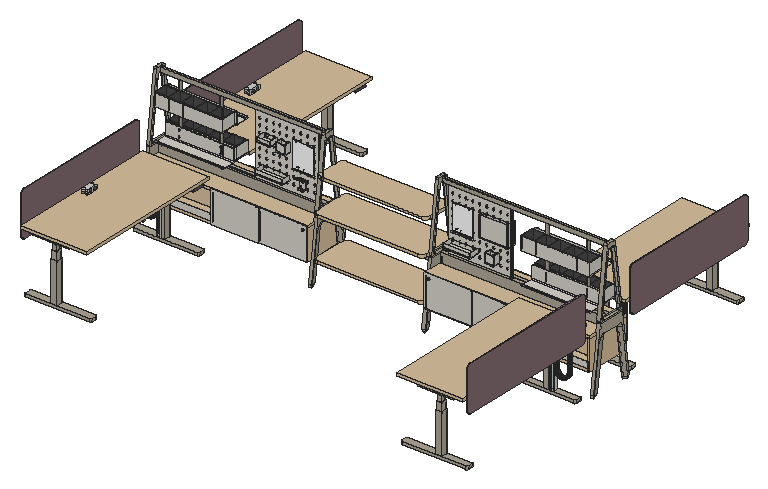
Revit family "Layout-Teknion-Expansion_Cityline_Upper_Structure_01-R2021", category Furniture Systems, Revit 2021
Family settings
  Round Connector Dimension = Use Diameter
  Part Type = Normal
  OmniClass Number = 23.40.70.14.64.21
  OmniClass Title = Systems Furniture
  Work Plane-Based = No
  Always vertical = Yes
  Cut with Voids When Loaded = No
  Shared = Yes
  Room Calculation Point = No
Parameters (values of type "Expansion Cityline Upper Structure 01")
  Warranty = "http://www.teknion.com/ca/papers/legal-canada"
  Unit Weight URL = "http://www.teknion.com/ca/tools/assets#&asset=bee6a381-b954-425e-8283-5a2de3a804f2,f828d448-4b62-4231-9e5f-9a8991c0ed77"
  URL = "www.teknion.com"
  To render please download texture images found here [instance] = "https://assets.teknion.com/web/5e81352c1dfdb467/revit-material-swatches/"
  Sustainability Data = "https://www.teknion.com/ca/tools/assets#&topic=216f99a5-57a0-44fc-b10a-9dee9b29ae4c&asset=444deb64-fe58-4b68-981e-f75e97781df7,b4ff2d81-9f2e-437d-9659-7cffb09c31cf"
  Series = "Expansion Cityline"  # constant formula
  Product Page URL = "https://www.teknionplanningtool.com/#?Expansion-Cityline-UpperStructure01"
  Product Line = "Expansion Cityline"  # constant formula
  Model = "Expansion Cityline Upper Structure Layout 01"
  Material Finish Note [instance] = "Click on Edit Family to change the finishes."  # constant formula
  Manufacturer Phone = "416-661-3370"  # constant formula
  Manufacturer Fax = "416.661.4586"  # constant formula
  Manufacturer Contact Information = "http://www.teknion.com/ca/contactus"
  Manufacturer Address = "1150 Flint Road, Toronto, ON. M3J 2J5. Canada"  # constant formula
  Manufacturer = "Teknion"  # constant formula
  How To Use Teknion Materials User Guide [instance] = "https://assets.teknion.com/m/205dd0a49fa58060/original/How-to-add-a-Material-Library-and-Texture-Images-to-your-Revit-project.pdf"
  For Additional Finishes please visit [instance] = "https://assets.teknion.com/m/44a8009b046e5d47/original/Teknion_Materials_Library.zip"
  Description = "16'-6 1/2\" x 13'-0\" Overall"
  Default Elevation = 0.000"
  Assembly Code = "E2020200"
Reference planes (in)
  plane 1 "Center F/B": y = -47.70852
  plane 2: z = 0
  plane 3 "Center L/R": x = 1562.54731
  plane 4 "Top": z = 57
  plane 5: x = 1463.31109
  plane 6: y = -125.70694
  plane 7: y = 30.28991
  plane 8: x = 1661.78353
Dimensions and locks (in)
  plane 4 "Top" to level = 57.000"
  equal spacing: plane 5, plane 3 "Center L/R", plane 8
  plane 5 to plane 8 = 198.47244"
  equal spacing: plane 7, plane 1 "Center F/B", plane 6
  plane 7 to plane 6 = 155.99685"
  aligned and locked: plane 2 to level
Nested families (in)
  nested 1: "Support-Teknion-JNXRMH_hiSpace_Quick_Connect_Height_Adjustable_Mechanism_Rectangular-R2021" at (1644.82282, -92.20694, 0) x (0, -1, 0) z (0, 0, 1), type "Extended Electric – Extended, 29" Depth, User Optimized Width Configuration"
    with Width 67.000", To render please download texture images found here "https://assets.teknion.com/web/5e81352c1dfdb467/revit-material-swatches/", Powerbar yes, How To Use Teknion Materials User Guide "https://assets.teknion.com/m/205dd0a49fa58060/original/How-to-add-a-Material-Library-and-Texture-Images-to-your-Revit-project.pdf", For Additional Finishes please visit "https://assets.teknion.com/m/44a8009b046e5d47/original/Teknion_Materials_Library.zip", Base Mechanism(Height) 27.811", Base Finish Paint - Teknion - Foundation - Earth, Available Width "46,49,52,55,58,61,64,67,70 inch", Available Base Mechanism(Height) "22.6 -48.7 inches"
  nested 2: "Worksurface-Teknion-JNXRW_hiSpace_Rectangular_Worksurface_With_Quick_Connect_Kit-R2021" at (1644.78353, -92.20694, 0) x (0, -1, 0) z (0, 0, 1), type "Square Cut-Out - Center"
    with Worksurface Finish Laminate - Teknion - 2L - Coastal Elm, Width Configuration Option "Select Width Configuration. Standard Width are Default", Width Configuration Distance 1.110", Width 67.000", User Optimized Width (Accessory Restriction) yes, To render please download texture images found here "https://assets.teknion.com/web/5e81352c1dfdb467/revit-material-swatches/", Standard Width no, Standard yes, Square Cut-Out - Distance 4.553", Node - Cut-Out Right no, Node - Cut-Out Left no, Node - Cut-Out Center yes, Masking Region - Standard Corner, SR no, Masking Region - Standard Corner, SL no, Masking Region - Standard Corner, SC yes, Masking Region - Standard Corner, NN no, Masking Region - Standard Corner, DR no, Masking Region - Standard Corner, DL no, Masking Region - Standard Corner, DC no, Masking Region - Standard Corner, CR no, Masking Region - Standard Corner, CL no, Masking Region - Curved Corner, SR no, Masking Region - Curved Corner, SL no, Masking Region - Curved Corner, SC no, Masking Region - Curved Corner, NN no, Masking Region - Curved Corner, DR no, Masking Region - Curved Corner, DL no, Masking Region - Curved Corner, DC no, Masking Region - Curved Corner, CR no, Masking Region - Curved Corner, CL no, How To Use Teknion Materials User Guide "https://assets.teknion.com/m/205dd0a49fa58060/original/How-to-add-a-Material-Library-and-Texture-Images-to-your-Revit-project.pdf", Frame Finish Paint - Teknion - Foundation - Earth, For Additional Finishes please visit "https://assets.teknion.com/m/44a8009b046e5d47/original/Teknion_Materials_Library.zip", Diamond Cut-Out - Distance 3.358", Depth 29.000", Curved no, Corner Detail Option "Select Corner Detail. Curved are Default", Available Width "46, 49, 52, 55, 58, 61, 64, 67 & 70 Inch", Available Depth "23 & 29 Inch"
  nested 3: "Support-Teknion-JNXRMH_hiSpace_Quick_Connect_Height_Adjustable_Mechanism_Rectangular-R2021" at (1644.82282, -3.20694, 0) x (0, -1, 0) z (0, 0, 1), type "Extended Electric – Extended, 29" Depth, User Optimized Width Configuration"
    with Width 67.000", To render please download texture images found here "https://assets.teknion.com/web/5e81352c1dfdb467/revit-material-swatches/", Powerbar yes, How To Use Teknion Materials User Guide "https://assets.teknion.com/m/205dd0a49fa58060/original/How-to-add-a-Material-Library-and-Texture-Images-to-your-Revit-project.pdf", For Additional Finishes please visit "https://assets.teknion.com/m/44a8009b046e5d47/original/Teknion_Materials_Library.zip", Base Mechanism(Height) 27.811", Base Finish Paint - Teknion - Foundation - Earth, Available Width "46,49,52,55,58,61,64,67,70 inch", Available Base Mechanism(Height) "22.6 -48.7 inches"
  nested 4: "Worksurface-Teknion-JNXRW_hiSpace_Rectangular_Worksurface_With_Quick_Connect_Kit-R2021" at (1644.78353, -3.20694, 0) x (0, -1, 0) z (0, 0, 1), type "Square Cut-Out - Center"
    with Worksurface Finish Laminate - Teknion - 2L - Coastal Elm, Width Configuration Option "Select Width Configuration. Standard Width are Default", Width Configuration Distance 1.110", Width 67.000", User Optimized Width (Accessory Restriction) yes, To render please download texture images found here "https://assets.teknion.com/web/5e81352c1dfdb467/revit-material-swatches/", Standard Width no, Standard yes, Square Cut-Out - Distance 4.553", Node - Cut-Out Right no, Node - Cut-Out Left no, Node - Cut-Out Center yes, Masking Region - Standard Corner, SR no, Masking Region - Standard Corner, SL no, Masking Region - Standard Corner, SC yes, Masking Region - Standard Corner, NN no, Masking Region - Standard Corner, DR no, Masking Region - Standard Corner, DL no, Masking Region - Standard Corner, DC no, Masking Region - Standard Corner, CR no, Masking Region - Standard Corner, CL no, Masking Region - Curved Corner, SR no, Masking Region - Curved Corner, SL no, Masking Region - Curved Corner, SC no, Masking Region - Curved Corner, NN no, Masking Region - Curved Corner, DR no, Masking Region - Curved Corner, DL no, Masking Region - Curved Corner, DC no, Masking Region - Curved Corner, CR no, Masking Region - Curved Corner, CL no, How To Use Teknion Materials User Guide "https://assets.teknion.com/m/205dd0a49fa58060/original/How-to-add-a-Material-Library-and-Texture-Images-to-your-Revit-project.pdf", Frame Finish Paint - Teknion - Foundation - Earth, For Additional Finishes please visit "https://assets.teknion.com/m/44a8009b046e5d47/original/Teknion_Materials_Library.zip", Diamond Cut-Out - Distance 3.358", Depth 29.000", Curved no, Corner Detail Option "Select Corner Detail. Curved are Default", Available Width "46, 49, 52, 55, 58, 61, 64, 67 & 70 Inch", Available Depth "23 & 29 Inch"
  nested 5: "Support-Teknion-JNXRMH_hiSpace_Quick_Connect_Height_Adjustable_Mechanism_Rectangular-R2021" at (1480.2718, -3.21009, 0) x (0, 1, 0) z (0, 0, 1), type "Extended Electric – Extended, 29" Depth, User Optimized Width Configuration"
    with Width 67.000", To render please download texture images found here "https://assets.teknion.com/web/5e81352c1dfdb467/revit-material-swatches/", Powerbar yes, How To Use Teknion Materials User Guide "https://assets.teknion.com/m/205dd0a49fa58060/original/How-to-add-a-Material-Library-and-Texture-Images-to-your-Revit-project.pdf", For Additional Finishes please visit "https://assets.teknion.com/m/44a8009b046e5d47/original/Teknion_Materials_Library.zip", Base Mechanism(Height) 27.811", Base Finish Paint - Teknion - Foundation - Earth, Available Width "46,49,52,55,58,61,64,67,70 inch", Available Base Mechanism(Height) "22.6 -48.7 inches"
  nested 6: "Worksurface-Teknion-JNXRW_hiSpace_Rectangular_Worksurface_With_Quick_Connect_Kit-R2021" at (1480.31109, -3.21009, 0) x (0, 1, 0) z (0, 0, 1), type "Square Cut-Out - Center"
    with Worksurface Finish Laminate - Teknion - 2L - Coastal Elm, Width Configuration Option "Select Width Configuration. Standard Width are Default", Width Configuration Distance 1.110", Width 67.000", User Optimized Width (Accessory Restriction) yes, To render please download texture images found here "https://assets.teknion.com/web/5e81352c1dfdb467/revit-material-swatches/", Standard Width no, Standard yes, Square Cut-Out - Distance 4.553", Node - Cut-Out Right no, Node - Cut-Out Left no, Node - Cut-Out Center yes, Masking Region - Standard Corner, SR no, Masking Region - Standard Corner, SL no, Masking Region - Standard Corner, SC yes, Masking Region - Standard Corner, NN no, Masking Region - Standard Corner, DR no, Masking Region - Standard Corner, DL no, Masking Region - Standard Corner, DC no, Masking Region - Standard Corner, CR no, Masking Region - Standard Corner, CL no, Masking Region - Curved Corner, SR no, Masking Region - Curved Corner, SL no, Masking Region - Curved Corner, SC no, Masking Region - Curved Corner, NN no, Masking Region - Curved Corner, DR no, Masking Region - Curved Corner, DL no, Masking Region - Curved Corner, DC no, Masking Region - Curved Corner, CR no, Masking Region - Curved Corner, CL no, How To Use Teknion Materials User Guide "https://assets.teknion.com/m/205dd0a49fa58060/original/How-to-add-a-Material-Library-and-Texture-Images-to-your-Revit-project.pdf", Frame Finish Paint - Teknion - Foundation - Earth, For Additional Finishes please visit "https://assets.teknion.com/m/44a8009b046e5d47/original/Teknion_Materials_Library.zip", Diamond Cut-Out - Distance 3.358", Depth 29.000", Curved no, Corner Detail Option "Select Corner Detail. Curved are Default", Available Width "46, 49, 52, 55, 58, 61, 64, 67 & 70 Inch", Available Depth "23 & 29 Inch"
  nested 7: "Support-Teknion-JNXRMH_hiSpace_Quick_Connect_Height_Adjustable_Mechanism_Rectangular-R2021" at (1480.2718, -92.21009, 0) x (0, 1, 0) z (0, 0, 1), type "Extended Electric – Extended, 29" Depth, User Optimized Width Configuration"
    with Width 67.000", To render please download texture images found here "https://assets.teknion.com/web/5e81352c1dfdb467/revit-material-swatches/", Powerbar yes, How To Use Teknion Materials User Guide "https://assets.teknion.com/m/205dd0a49fa58060/original/How-to-add-a-Material-Library-and-Texture-Images-to-your-Revit-project.pdf", For Additional Finishes please visit "https://assets.teknion.com/m/44a8009b046e5d47/original/Teknion_Materials_Library.zip", Base Mechanism(Height) 27.811", Base Finish Paint - Teknion - Foundation - Earth, Available Width "46,49,52,55,58,61,64,67,70 inch", Available Base Mechanism(Height) "22.6 -48.7 inches"
  nested 8: "Worksurface-Teknion-JNXRW_hiSpace_Rectangular_Worksurface_With_Quick_Connect_Kit-R2021" at (1480.31109, -92.21009, 0) x (0, 1, 0) z (0, 0, 1), type "Square Cut-Out - Center"
    with Worksurface Finish Laminate - Teknion - 2L - Coastal Elm, Width Configuration Option "Select Width Configuration. Standard Width are Default", Width Configuration Distance 1.110", Width 67.000", User Optimized Width (Accessory Restriction) yes, To render please download texture images found here "https://assets.teknion.com/web/5e81352c1dfdb467/revit-material-swatches/", Standard Width no, Standard yes, Square Cut-Out - Distance 4.553", Node - Cut-Out Right no, Node - Cut-Out Left no, Node - Cut-Out Center yes, Masking Region - Standard Corner, SR no, Masking Region - Standard Corner, SL no, Masking Region - Standard Corner, SC yes, Masking Region - Standard Corner, NN no, Masking Region - Standard Corner, DR no, Masking Region - Standard Corner, DL no, Masking Region - Standard Corner, DC no, Masking Region - Standard Corner, CR no, Masking Region - Standard Corner, CL no, Masking Region - Curved Corner, SR no, Masking Region - Curved Corner, SL no, Masking Region - Curved Corner, SC no, Masking Region - Curved Corner, NN no, Masking Region - Curved Corner, DR no, Masking Region - Curved Corner, DL no, Masking Region - Curved Corner, DC no, Masking Region - Curved Corner, CR no, Masking Region - Curved Corner, CL no, How To Use Teknion Materials User Guide "https://assets.teknion.com/m/205dd0a49fa58060/original/How-to-add-a-Material-Library-and-Texture-Images-to-your-Revit-project.pdf", Frame Finish Paint - Teknion - Foundation - Earth, For Additional Finishes please visit "https://assets.teknion.com/m/44a8009b046e5d47/original/Teknion_Materials_Library.zip", Diamond Cut-Out - Distance 3.358", Depth 29.000", Curved no, Corner Detail Option "Select Corner Detail. Curved are Default", Available Width "46, 49, 52, 55, 58, 61, 64, 67 & 70 Inch", Available Depth "23 & 29 Inch"
  nested 9: "Screen-Teknion-JNSXEH_Infinity_Back_Elevated_Screen_Height_Adjustable_Table_Mounted-R2020" at (1659.28747, 37.50802, 0) x (0, -1, 0) z (0, 0, 1), type "22" Modesty Base Height, 42" Datum Height"
    with Width 64.000", To render please download texture images found here "https://assets.teknion.com/web/5e81352c1dfdb467/revit-material-swatches/", Screen Finish Fabric-Teknion-G137-Grid State-Mega Watt, How To Use Teknion Materials User Guide "https://assets.teknion.com/m/205dd0a49fa58060/original/How-to-add-a-Material-Library-and-Texture-Images-to-your-Revit-project.pdf", Hardware Gap 12.000", Hardware Finish Paint - Teknion - Foundation - Earth, For Additional Finishes please visit "https://assets.teknion.com/m/44a8009b046e5d47/original/Teknion_Materials_Library.zip", Available Width "46, 52, 58, 64, 70, 76 & 82 Inch"
  nested 10: "Hardware Screen Cityline" at (1659.28747, 28.50802, 0) x (0, -1, 0) z (0, 0, 1), type "Hardware Screen Cityline"
    with To render please download texture images found here "https://assets.teknion.com/web/5e81352c1dfdb467/revit-material-swatches/", How To Use Teknion Materials User Guide "https://assets.teknion.com/m/205dd0a49fa58060/original/How-to-add-a-Material-Library-and-Texture-Images-to-your-Revit-project.pdf", Hardware Finish Paint - Teknion - Foundation - Earth, For Additional Finishes please visit "https://assets.teknion.com/m/44a8009b046e5d47/original/Teknion_Materials_Library.zip"
  nested 11: "Hardware Screen Cityline" at (1659.28747, 16.50802, 0) x (0, -1, 0) z (0, 0, 1), type "Hardware Screen Cityline"
    with To render please download texture images found here "https://assets.teknion.com/web/5e81352c1dfdb467/revit-material-swatches/", How To Use Teknion Materials User Guide "https://assets.teknion.com/m/205dd0a49fa58060/original/How-to-add-a-Material-Library-and-Texture-Images-to-your-Revit-project.pdf", Hardware Finish Paint - Teknion - Foundation - Earth, For Additional Finishes please visit "https://assets.teknion.com/m/44a8009b046e5d47/original/Teknion_Materials_Library.zip"
  nested 12: "Hardware Screen Cityline" at (1659.28747, -22.9219, 0) x (0, 1, 0) z (0, 0, 1), type "Hardware Screen Cityline"
    with To render please download texture images found here "https://assets.teknion.com/web/5e81352c1dfdb467/revit-material-swatches/", How To Use Teknion Materials User Guide "https://assets.teknion.com/m/205dd0a49fa58060/original/How-to-add-a-Material-Library-and-Texture-Images-to-your-Revit-project.pdf", Hardware Finish Paint - Teknion - Foundation - Earth, For Additional Finishes please visit "https://assets.teknion.com/m/44a8009b046e5d47/original/Teknion_Materials_Library.zip"
  nested 13: "Hardware Screen Cityline" at (1659.28747, -34.9219, 0) x (0, 1, 0) z (0, 0, 1), type "Hardware Screen Cityline"
    with To render please download texture images found here "https://assets.teknion.com/web/5e81352c1dfdb467/revit-material-swatches/", How To Use Teknion Materials User Guide "https://assets.teknion.com/m/205dd0a49fa58060/original/How-to-add-a-Material-Library-and-Texture-Images-to-your-Revit-project.pdf", Hardware Finish Paint - Teknion - Foundation - Earth, For Additional Finishes please visit "https://assets.teknion.com/m/44a8009b046e5d47/original/Teknion_Materials_Library.zip"
  nested 14: "Screen-Teknion-JNSXEH_Infinity_Back_Elevated_Screen_Height_Adjustable_Table_Mounted-R2020" at (1659.28747, -51.49198, 0) x (0, -1, 0) z (0, 0, 1), type "22" Modesty Base Height, 42" Datum Height"
    with Width 64.000", To render please download texture images found here "https://assets.teknion.com/web/5e81352c1dfdb467/revit-material-swatches/", Screen Finish Fabric-Teknion-G137-Grid State-Mega Watt, How To Use Teknion Materials User Guide "https://assets.teknion.com/m/205dd0a49fa58060/original/How-to-add-a-Material-Library-and-Texture-Images-to-your-Revit-project.pdf", Hardware Gap 12.000", Hardware Finish Paint - Teknion - Foundation - Earth, For Additional Finishes please visit "https://assets.teknion.com/m/44a8009b046e5d47/original/Teknion_Materials_Library.zip", Available Width "46, 52, 58, 64, 70, 76 & 82 Inch"
  nested 15: "Hardware Screen Cityline" at (1659.28747, -60.49198, 0) x (0, -1, 0) z (0, 0, 1), type "Hardware Screen Cityline"
    with To render please download texture images found here "https://assets.teknion.com/web/5e81352c1dfdb467/revit-material-swatches/", How To Use Teknion Materials User Guide "https://assets.teknion.com/m/205dd0a49fa58060/original/How-to-add-a-Material-Library-and-Texture-Images-to-your-Revit-project.pdf", Hardware Finish Paint - Teknion - Foundation - Earth, For Additional Finishes please visit "https://assets.teknion.com/m/44a8009b046e5d47/original/Teknion_Materials_Library.zip"
  nested 16: "Hardware Screen Cityline" at (1659.28747, -72.49198, 0) x (0, -1, 0) z (0, 0, 1), type "Hardware Screen Cityline"
    with To render please download texture images found here "https://assets.teknion.com/web/5e81352c1dfdb467/revit-material-swatches/", How To Use Teknion Materials User Guide "https://assets.teknion.com/m/205dd0a49fa58060/original/How-to-add-a-Material-Library-and-Texture-Images-to-your-Revit-project.pdf", Hardware Finish Paint - Teknion - Foundation - Earth, For Additional Finishes please visit "https://assets.teknion.com/m/44a8009b046e5d47/original/Teknion_Materials_Library.zip"
  nested 17: "Hardware Screen Cityline" at (1659.28747, -111.9219, 0) x (0, 1, 0) z (0, 0, 1), type "Hardware Screen Cityline"
    with To render please download texture images found here "https://assets.teknion.com/web/5e81352c1dfdb467/revit-material-swatches/", How To Use Teknion Materials User Guide "https://assets.teknion.com/m/205dd0a49fa58060/original/How-to-add-a-Material-Library-and-Texture-Images-to-your-Revit-project.pdf", Hardware Finish Paint - Teknion - Foundation - Earth, For Additional Finishes please visit "https://assets.teknion.com/m/44a8009b046e5d47/original/Teknion_Materials_Library.zip"
  nested 18: "Hardware Screen Cityline" at (1659.28747, -123.9219, 0) x (0, 1, 0) z (0, 0, 1), type "Hardware Screen Cityline"
    with To render please download texture images found here "https://assets.teknion.com/web/5e81352c1dfdb467/revit-material-swatches/", How To Use Teknion Materials User Guide "https://assets.teknion.com/m/205dd0a49fa58060/original/How-to-add-a-Material-Library-and-Texture-Images-to-your-Revit-project.pdf", Hardware Finish Paint - Teknion - Foundation - Earth, For Additional Finishes please visit "https://assets.teknion.com/m/44a8009b046e5d47/original/Teknion_Materials_Library.zip"
  nested 19: "Screen-Teknion-JNSXEH_Infinity_Back_Elevated_Screen_Height_Adjustable_Table_Mounted-R2020" at (1465.80715, -43.92505, 0) x (0, 1, 0) z (0, 0, 1), type "22" Modesty Base Height, 42" Datum Height"
    with Width 64.000", To render please download texture images found here "https://assets.teknion.com/web/5e81352c1dfdb467/revit-material-swatches/", Screen Finish Fabric-Teknion-G137-Grid State-Mega Watt, How To Use Teknion Materials User Guide "https://assets.teknion.com/m/205dd0a49fa58060/original/How-to-add-a-Material-Library-and-Texture-Images-to-your-Revit-project.pdf", Hardware Gap 12.000", Hardware Finish Paint - Teknion - Foundation - Earth, For Additional Finishes please visit "https://assets.teknion.com/m/44a8009b046e5d47/original/Teknion_Materials_Library.zip", Available Width "46, 52, 58, 64, 70, 76 & 82 Inch"
  nested 20: "Hardware Screen Cityline" at (1465.80715, -34.92505, 0) x (0, 1, 0) z (0, 0, 1), type "Hardware Screen Cityline"
    with To render please download texture images found here "https://assets.teknion.com/web/5e81352c1dfdb467/revit-material-swatches/", How To Use Teknion Materials User Guide "https://assets.teknion.com/m/205dd0a49fa58060/original/How-to-add-a-Material-Library-and-Texture-Images-to-your-Revit-project.pdf", Hardware Finish Paint - Teknion - Foundation - Earth, For Additional Finishes please visit "https://assets.teknion.com/m/44a8009b046e5d47/original/Teknion_Materials_Library.zip"
  nested 21: "Hardware Screen Cityline" at (1465.80715, -22.92505, 0) x (0, 1, 0) z (0, 0, 1), type "Hardware Screen Cityline"
    with To render please download texture images found here "https://assets.teknion.com/web/5e81352c1dfdb467/revit-material-swatches/", How To Use Teknion Materials User Guide "https://assets.teknion.com/m/205dd0a49fa58060/original/How-to-add-a-Material-Library-and-Texture-Images-to-your-Revit-project.pdf", Hardware Finish Paint - Teknion - Foundation - Earth, For Additional Finishes please visit "https://assets.teknion.com/m/44a8009b046e5d47/original/Teknion_Materials_Library.zip"
  nested 22: "Hardware Screen Cityline" at (1465.80715, 16.50487, 0) x (0, -1, 0) z (0, 0, 1), type "Hardware Screen Cityline"
    with To render please download texture images found here "https://assets.teknion.com/web/5e81352c1dfdb467/revit-material-swatches/", How To Use Teknion Materials User Guide "https://assets.teknion.com/m/205dd0a49fa58060/original/How-to-add-a-Material-Library-and-Texture-Images-to-your-Revit-project.pdf", Hardware Finish Paint - Teknion - Foundation - Earth, For Additional Finishes please visit "https://assets.teknion.com/m/44a8009b046e5d47/original/Teknion_Materials_Library.zip"
  nested 23: "Hardware Screen Cityline" at (1465.80715, 28.50487, 0) x (0, -1, 0) z (0, 0, 1), type "Hardware Screen Cityline"
    with To render please download texture images found here "https://assets.teknion.com/web/5e81352c1dfdb467/revit-material-swatches/", How To Use Teknion Materials User Guide "https://assets.teknion.com/m/205dd0a49fa58060/original/How-to-add-a-Material-Library-and-Texture-Images-to-your-Revit-project.pdf", Hardware Finish Paint - Teknion - Foundation - Earth, For Additional Finishes please visit "https://assets.teknion.com/m/44a8009b046e5d47/original/Teknion_Materials_Library.zip"
  nested 24: "Screen-Teknion-JNSXEH_Infinity_Back_Elevated_Screen_Height_Adjustable_Table_Mounted-R2020" at (1465.80715, -132.92505, 0) x (0, 1, 0) z (0, 0, 1), type "22" Modesty Base Height, 42" Datum Height"
    with Width 64.000", To render please download texture images found here "https://assets.teknion.com/web/5e81352c1dfdb467/revit-material-swatches/", Screen Finish Fabric-Teknion-G137-Grid State-Mega Watt, How To Use Teknion Materials User Guide "https://assets.teknion.com/m/205dd0a49fa58060/original/How-to-add-a-Material-Library-and-Texture-Images-to-your-Revit-project.pdf", Hardware Gap 12.000", Hardware Finish Paint - Teknion - Foundation - Earth, For Additional Finishes please visit "https://assets.teknion.com/m/44a8009b046e5d47/original/Teknion_Materials_Library.zip", Available Width "46, 52, 58, 64, 70, 76 & 82 Inch"
  nested 25: "Hardware Screen Cityline" at (1465.80715, -123.92505, 0) x (0, 1, 0) z (0, 0, 1), type "Hardware Screen Cityline"
    with To render please download texture images found here "https://assets.teknion.com/web/5e81352c1dfdb467/revit-material-swatches/", How To Use Teknion Materials User Guide "https://assets.teknion.com/m/205dd0a49fa58060/original/How-to-add-a-Material-Library-and-Texture-Images-to-your-Revit-project.pdf", Hardware Finish Paint - Teknion - Foundation - Earth, For Additional Finishes please visit "https://assets.teknion.com/m/44a8009b046e5d47/original/Teknion_Materials_Library.zip"
  nested 26: "Hardware Screen Cityline" at (1465.80715, -111.92505, 0) x (0, 1, 0) z (0, 0, 1), type "Hardware Screen Cityline"
    with To render please download texture images found here "https://assets.teknion.com/web/5e81352c1dfdb467/revit-material-swatches/", How To Use Teknion Materials User Guide "https://assets.teknion.com/m/205dd0a49fa58060/original/How-to-add-a-Material-Library-and-Texture-Images-to-your-Revit-project.pdf", Hardware Finish Paint - Teknion - Foundation - Earth, For Additional Finishes please visit "https://assets.teknion.com/m/44a8009b046e5d47/original/Teknion_Materials_Library.zip"
  nested 27: "Hardware Screen Cityline" at (1465.80715, -72.49513, 0) x (0, -1, 0) z (0, 0, 1), type "Hardware Screen Cityline"
    with To render please download texture images found here "https://assets.teknion.com/web/5e81352c1dfdb467/revit-material-swatches/", How To Use Teknion Materials User Guide "https://assets.teknion.com/m/205dd0a49fa58060/original/How-to-add-a-Material-Library-and-Texture-Images-to-your-Revit-project.pdf", Hardware Finish Paint - Teknion - Foundation - Earth, For Additional Finishes please visit "https://assets.teknion.com/m/44a8009b046e5d47/original/Teknion_Materials_Library.zip"
  nested 28: "Hardware Screen Cityline" at (1465.80715, -60.49513, 0) x (0, -1, 0) z (0, 0, 1), type "Hardware Screen Cityline"
    with To render please download texture images found here "https://assets.teknion.com/web/5e81352c1dfdb467/revit-material-swatches/", How To Use Teknion Materials User Guide "https://assets.teknion.com/m/205dd0a49fa58060/original/How-to-add-a-Material-Library-and-Texture-Images-to-your-Revit-project.pdf", Hardware Finish Paint - Teknion - Foundation - Earth, For Additional Finishes please visit "https://assets.teknion.com/m/44a8009b046e5d47/original/Teknion_Materials_Library.zip"
  nested 29: "Electrical-Teknion-JNEPC_Power_Cube-R2015" at (1469.18117, -92.21009, 29) x (0, 1, 0) z (0, 0, 1), type "Dual - Power Only"
    with Worksurface Thickness 1.1875", Width 5.000", Right Power/USB Charger 0.5625", Right Power Hole Depth 0.84375", Right Power Hole - Quad Depth 0.5625", Right Offset 0.77344", Power Cube - Case and Front Finish Paint - Teknion - Foundation - Soft Gris, Left Power Hole Depth 0.84375", Left Offset 0.67578", Data Hole Depth 0.5625"
  nested 30: "Electrical-Teknion-JNEPC_Power_Cube-R2015" at (1469.18117, -3.21009, 29) x (0, 1, 0) z (0, 0, 1), type "Dual - Power Only"
    with Worksurface Thickness 1.1875", Width 5.000", Right Power/USB Charger 0.5625", Right Power Hole Depth 0.84375", Right Power Hole - Quad Depth 0.5625", Right Offset 0.77344", Power Cube - Case and Front Finish Paint - Teknion - Foundation - Soft Gris, Left Power Hole Depth 0.84375", Left Offset 0.67578", Data Hole Depth 0.5625"
  nested 31: "Electrical-Teknion-JNEPC_Power_Cube-R2015" at (1655.91345, -3.20694, 29) x (0, -1, 0) z (0, 0, 1), type "Dual - Power Only"
    with Worksurface Thickness 1.1875", Width 5.000", Right Power/USB Charger 0.5625", Right Power Hole Depth 0.84375", Right Power Hole - Quad Depth 0.5625", Right Offset 0.77344", Power Cube - Case and Front Finish Paint - Teknion - Foundation - Soft Gris, Left Power Hole Depth 0.84375", Left Offset 0.67578", Data Hole Depth 0.5625"
  nested 32: "Electrical-Teknion-JNEPC_Power_Cube-R2015" at (1655.91345, -92.20694, 29) x (0, -1, 0) z (0, 0, 1), type "Dual - Power Only"
    with Worksurface Thickness 1.1875", Width 5.000", Right Power/USB Charger 0.5625", Right Power Hole Depth 0.84375", Right Power Hole - Quad Depth 0.5625", Right Offset 0.77344", Power Cube - Case and Front Finish Paint - Teknion - Foundation - Soft Gris, Left Power Hole Depth 0.84375", Left Offset 0.67578", Data Hole Depth 0.5625"
  nested 33: "Electrical-Teknion-JNHEA_Vertical_Wire_Carrier-R2021" at (1646.68314, -62.67115, 0) x (0, -1, 0) z (0, 0, 1), type "hiSpace - Standard Range (22.6" - 48.7")"
    with Wire Carrier Finish Plastic - Teknion - E - Ebony, To render please download texture images found here "https://assets.teknion.com/web/5e81352c1dfdb467/revit-material-swatches/", Leg Cover Finish Paint - Teknion - Foundation - Sand, How To Use Teknion Materials User Guide "https://assets.teknion.com/m/205dd0a49fa58060/original/How-to-add-a-Material-Library-and-Texture-Images-to-your-Revit-project.pdf", For Additional Finishes please visit "https://assets.teknion.com/m/44a8009b046e5d47/original/Teknion_Materials_Library.zip"
  nested 34: "Electrical-Teknion-JNHEA_Vertical_Wire_Carrier-R2021" at (1646.68314, -32.7029, 0) x (0, -1, 0) z (0, 0, 1), type "hiSpace - Standard Range (22.6" - 48.7")"
    with Wire Carrier Finish Plastic - Teknion - E - Ebony, To render please download texture images found here "https://assets.teknion.com/web/5e81352c1dfdb467/revit-material-swatches/", Leg Cover Finish Paint - Teknion - Foundation - Sand, How To Use Teknion Materials User Guide "https://assets.teknion.com/m/205dd0a49fa58060/original/How-to-add-a-Material-Library-and-Texture-Images-to-your-Revit-project.pdf", For Additional Finishes please visit "https://assets.teknion.com/m/44a8009b046e5d47/original/Teknion_Materials_Library.zip"
  nested 35: "Electrical-Teknion-JNHEA_Vertical_Wire_Carrier-R2021" at (1478.41148, -32.74588, 0) x (0, 1, 0) z (0, 0, 1), type "hiSpace - Standard Range (22.6" - 48.7")"
    with Wire Carrier Finish Plastic - Teknion - E - Ebony, To render please download texture images found here "https://assets.teknion.com/web/5e81352c1dfdb467/revit-material-swatches/", Leg Cover Finish Paint - Teknion - Foundation - Sand, How To Use Teknion Materials User Guide "https://assets.teknion.com/m/205dd0a49fa58060/original/How-to-add-a-Material-Library-and-Texture-Images-to-your-Revit-project.pdf", For Additional Finishes please visit "https://assets.teknion.com/m/44a8009b046e5d47/original/Teknion_Materials_Library.zip"
  nested 36: "Electrical-Teknion-JNHEA_Vertical_Wire_Carrier-R2021" at (1478.41148, -62.71414, 0) x (0, 1, 0) z (0, 0, 1), type "hiSpace - Standard Range (22.6" - 48.7")"
    with Wire Carrier Finish Plastic - Teknion - E - Ebony, To render please download texture images found here "https://assets.teknion.com/web/5e81352c1dfdb467/revit-material-swatches/", Leg Cover Finish Paint - Teknion - Foundation - Sand, How To Use Teknion Materials User Guide "https://assets.teknion.com/m/205dd0a49fa58060/original/How-to-add-a-Material-Library-and-Texture-Images-to-your-Revit-project.pdf", For Additional Finishes please visit "https://assets.teknion.com/m/44a8009b046e5d47/original/Teknion_Materials_Library.zip"
  nested 37: "Desk_Structures-Teknion-JZSFS_EZ_Fence_Leg-R2021" at (1463.23235, -47.70852, 0), type "End"
    with With Top Cover yes, Top Option "Select Top Option. Has Top Cover is default.", To render please download texture images found here "https://assets.teknion.com/web/5e81352c1dfdb467/revit-material-swatches/", No Top Cover no, How To Use Teknion Materials User Guide "https://assets.teknion.com/m/205dd0a49fa58060/original/How-to-add-a-Material-Library-and-Texture-Images-to-your-Revit-project.pdf", Frame Finish Paint - Teknion - Foundation - Earth, For Additional Finishes please visit "https://assets.teknion.com/m/44a8009b046e5d47/original/Teknion_Materials_Library.zip", 2D - In-Line with Top Cover no, 2D - In-Line w/o Top Cover no, 2D - End with Top Cover yes, 2D - End w/o Top Cover no
  nested 38: "Desk_Structures-Teknion-JZSFS_EZ_Fence_Leg-R2021" at (1536.88983, -47.70852, 0), type "In-Line"
    with With Top Cover yes, Top Option "Select Top Option. Has Top Cover is default.", To render please download texture images found here "https://assets.teknion.com/web/5e81352c1dfdb467/revit-material-swatches/", No Top Cover no, How To Use Teknion Materials User Guide "https://assets.teknion.com/m/205dd0a49fa58060/original/How-to-add-a-Material-Library-and-Texture-Images-to-your-Revit-project.pdf", Frame Finish Paint - Teknion - Foundation - Earth, For Additional Finishes please visit "https://assets.teknion.com/m/44a8009b046e5d47/original/Teknion_Materials_Library.zip", 2D - In-Line with Top Cover yes, 2D - In-Line w/o Top Cover no, 2D - End with Top Cover no, 2D - End w/o Top Cover no
  nested 39: "Desk_Structures-Teknion-JZSFS_EZ_Fence_Leg-R2021" at (1586.54731, -47.70852, 0), type "In-Line"
    with With Top Cover yes, Top Option "Select Top Option. Has Top Cover is default.", To render please download texture images found here "https://assets.teknion.com/web/5e81352c1dfdb467/revit-material-swatches/", No Top Cover no, How To Use Teknion Materials User Guide "https://assets.teknion.com/m/205dd0a49fa58060/original/How-to-add-a-Material-Library-and-Texture-Images-to-your-Revit-project.pdf", Frame Finish Paint - Teknion - Foundation - Earth, For Additional Finishes please visit "https://assets.teknion.com/m/44a8009b046e5d47/original/Teknion_Materials_Library.zip", 2D - In-Line with Top Cover yes, 2D - In-Line w/o Top Cover no, 2D - End with Top Cover no, 2D - End w/o Top Cover no
  nested 40: "Desk_Structures-Teknion-JZSFS_EZ_Fence_Leg-R2021" at (1661.86227, -47.70852, 0) x (-1, 0, 0) z (0, 0, 1), type "End"
    with With Top Cover yes, Top Option "Select Top Option. Has Top Cover is default.", To render please download texture images found here "https://assets.teknion.com/web/5e81352c1dfdb467/revit-material-swatches/", No Top Cover no, How To Use Teknion Materials User Guide "https://assets.teknion.com/m/205dd0a49fa58060/original/How-to-add-a-Material-Library-and-Texture-Images-to-your-Revit-project.pdf", Frame Finish Paint - Teknion - Foundation - Earth, For Additional Finishes please visit "https://assets.teknion.com/m/44a8009b046e5d47/original/Teknion_Materials_Library.zip", 2D - In-Line with Top Cover no, 2D - In-Line w/o Top Cover no, 2D - End with Top Cover yes, 2D - End w/o Top Cover no
  nested 41: "Desk_Structures-Teknion-JZSUD_EZ_Upper_A_Frame_Shared-R2021" at (1464.06109, -47.70852, 0), type "Standard Height (28'' Beam Height), 20" Leg Depth, 57" Datum Height"
    with To render please download texture images found here "https://assets.teknion.com/web/5e81352c1dfdb467/revit-material-swatches/", How To Use Teknion Materials User Guide "https://assets.teknion.com/m/205dd0a49fa58060/original/How-to-add-a-Material-Library-and-Texture-Images-to-your-Revit-project.pdf", Frame Finish Paint - Teknion - Foundation - Earth, For Additional Finishes please visit "https://assets.teknion.com/m/44a8009b046e5d47/original/Teknion_Materials_Library.zip"
  nested 42: "Desk_Structures-Teknion-JZSUD_EZ_Upper_A_Frame_Shared-R2021" at (1661.03353, -47.70852, 0) x (-1, 0, 0) z (0, 0, 1), type "Standard Height (28'' Beam Height), 20" Leg Depth, 57" Datum Height"
    with To render please download texture images found here "https://assets.teknion.com/web/5e81352c1dfdb467/revit-material-swatches/", How To Use Teknion Materials User Guide "https://assets.teknion.com/m/205dd0a49fa58060/original/How-to-add-a-Material-Library-and-Texture-Images-to-your-Revit-project.pdf", Frame Finish Paint - Teknion - Foundation - Earth, For Additional Finishes please visit "https://assets.teknion.com/m/44a8009b046e5d47/original/Teknion_Materials_Library.zip"
  nested 43: "Desk_Structures-Teknion-JZSULS_EZ_Upper_A_Frame_For_Laminate_Shelves_Shared-R2021" at (1537.71857, -47.70852, 0), type "57" Datum Height, Shelves On One Side"
    with To render please download texture images found here "https://assets.teknion.com/web/5e81352c1dfdb467/revit-material-swatches/", How To Use Teknion Materials User Guide "https://assets.teknion.com/m/205dd0a49fa58060/original/How-to-add-a-Material-Library-and-Texture-Images-to-your-Revit-project.pdf", Frame Finish Paint - Teknion - Foundation - Earth, For Additional Finishes please visit "https://assets.teknion.com/m/44a8009b046e5d47/original/Teknion_Materials_Library.zip"
  nested 44: "Desk_Structures-Teknion-JZSULS_EZ_Upper_A_Frame_For_Laminate_Shelves_Shared-R2021" at (1587.37605, -47.70852, 0) x (-1, 0, 0) z (0, 0, 1), type "57" Datum Height, Shelves On One Side"
    with To render please download texture images found here "https://assets.teknion.com/web/5e81352c1dfdb467/revit-material-swatches/", How To Use Teknion Materials User Guide "https://assets.teknion.com/m/205dd0a49fa58060/original/How-to-add-a-Material-Library-and-Texture-Images-to-your-Revit-project.pdf", Frame Finish Paint - Teknion - Foundation - Earth, For Additional Finishes please visit "https://assets.teknion.com/m/44a8009b046e5d47/original/Teknion_Materials_Library.zip"
  nested 45: "Storage-Teknion-JZTBS_Laminate_Shelves_EZ_Upper_A_Frame_Mounted-R2021" at (1520.54731, -47.70852, 0), type "Two Shelves"
    with Width 48.000", To render please download texture images found here "https://assets.teknion.com/web/5e81352c1dfdb467/revit-material-swatches/", Shelf Finish Laminate - Teknion - 2L - Coastal Elm, How To Use Teknion Materials User Guide "https://assets.teknion.com/m/205dd0a49fa58060/original/How-to-add-a-Material-Library-and-Texture-Images-to-your-Revit-project.pdf", Hardware Finish Paint - Teknion - Foundation - Earth, For Additional Finishes please visit "https://assets.teknion.com/m/44a8009b046e5d47/original/Teknion_Materials_Library.zip", Available Width "48, 54, 60, 66, 72, 78 & 84 Inch"
  nested 46: "Desk_Structure-Teknion-JZSBB_EZ_Fence_Beam-R2021" at (1518.88959, -47.70852, 0), type "No Opening"
    with Width 48.000", To render please download texture images found here "https://assets.teknion.com/web/5e81352c1dfdb467/revit-material-swatches/", Screen Cut-Out 0.500", Right Power Opening Cut out 0.100", Right Opening Position no, Right Data Opening Cut out 0.100", Power and Data Openning Option "Please select one configuration below", No Screen yes, Lift & Drop Tile Cut-Out 0.500", Lift & Drop Tile no, Left Power Opening Cut Out 0.100", Left Opening Position no, Left Data Opening Cut out 0.090", How To Use Teknion Materials User Guide "https://assets.teknion.com/m/205dd0a49fa58060/original/How-to-add-a-Material-Library-and-Texture-Images-to-your-Revit-project.pdf", For Additional Finishes please visit "https://assets.teknion.com/m/44a8009b046e5d47/original/Teknion_Materials_Library.zip", Finish Paint - Teknion - Foundation - Earth, EZ Add-On Screen no, Database Notes "When Power and Data Opening (NN) is selected, then Opening Position C-L-R are not available. When Power and Data Opening (DO) - (DT) - (PO) - (PT) is selected, then Opening Position N is not available. When width 48-54-60 and Power and Data Opening (DO) - (DT) - (PO) - (PT) are selected, then Opening Position C is not available ", Configuration Option "Please select one configuration below", Center Power Opening Cut Out 0.100", Center Opening Position no, Center Data Opening Cut Out 0.090", Available Width "48, 54, 60, 66,72, 78, 84 Inch", Actual Width 48.157", 2D Right Power two sided opening no, 2D Right Power one sided opening no, 2D Right Data two sided opening no, 2D Right Data one sided opening no, 2D Left Power two sided opening no, 2D Left Power one sided opening no, 2D Left Data two sided opening no, 2D Left Data one sided opening no, 2D Center Power two sided opening no, 2D Center Power one sided opening no, 2D Center Data two sided opening no, 2D Center Data one sided opening no
  nested 47: "Storage-Teknion-JZBSH_EZ_Suspended_Shelf_Solid-R2020" at (1520.54731, -47.70852, 0), type "EZ Suspended Shelf - Solid"
    with Width 48.000", To render please download texture images found here "https://assets.teknion.com/web/5e81352c1dfdb467/revit-material-swatches/", How To Use Teknion Materials User Guide "https://assets.teknion.com/m/205dd0a49fa58060/original/How-to-add-a-Material-Library-and-Texture-Images-to-your-Revit-project.pdf", For Additional Finishes please visit "https://assets.teknion.com/m/44a8009b046e5d47/original/Teknion_Materials_Library.zip", Finish Laminate - Teknion - 2L - Coastal Elm, Available Width "48, 54, 60, 66, 72, 78 & 84 Inch"
  nested 48: "Storage-Teknion-JZBSO_EZ_Suspended_Credenza_Lateral_File_And_Cubby_Shared-R2021" at (1542.88983, -47.70852, 0), type "Metal Front"
    with Width 72.000", To render please download texture images found here "https://assets.teknion.com/web/5e81352c1dfdb467/revit-material-swatches/", Pull Finish Paint - Teknion - Foundation - Sand, Pull Distance - Side (Solid) 7.870", Pull Distance - Side (Metal) 7.878", Pull Distance - Middle (Solid) 7.199", Pull Distance - Middle (Metal) 7.207", Paint Finish Paint - Teknion - Foundation - Sand, Open Storage Size 30.835", Metal Front Finish Paint - Teknion - Foundation - Sand, Laminate Front Finish Laminate - Teknion - 2L - Coastal Elm, How To Use Teknion Materials User Guide "https://assets.teknion.com/m/205dd0a49fa58060/original/How-to-add-a-Material-Library-and-Texture-Images-to-your-Revit-project.pdf", For Additional Finishes please visit "https://assets.teknion.com/m/44a8009b046e5d47/original/Teknion_Materials_Library.zip", Drawer Size - Side 21.362", Case Finish Laminate - Teknion - 2L - Coastal Elm, Available Width "60, 66, 72, 78 & 84 Inch"
  nested 49: "Storage-Teknion-JZBSO_EZ_Suspended_Credenza_Lateral_File_And_Cubby_Shared-R2021" at (1582.20479, -47.70852, 0) x (-1, 0, 0) z (0, 0, 1), type "Metal Front"
    with Width 72.000", To render please download texture images found here "https://assets.teknion.com/web/5e81352c1dfdb467/revit-material-swatches/", Pull Finish Paint - Teknion - Foundation - Sand, Pull Distance - Side (Solid) 7.870", Pull Distance - Side (Metal) 7.878", Pull Distance - Middle (Solid) 7.199", Pull Distance - Middle (Metal) 7.207", Paint Finish Paint - Teknion - Foundation - Sand, Open Storage Size 30.835", Metal Front Finish Paint - Teknion - Foundation - Sand, Laminate Front Finish Laminate - Teknion - 2L - Coastal Elm, How To Use Teknion Materials User Guide "https://assets.teknion.com/m/205dd0a49fa58060/original/How-to-add-a-Material-Library-and-Texture-Images-to-your-Revit-project.pdf", For Additional Finishes please visit "https://assets.teknion.com/m/44a8009b046e5d47/original/Teknion_Materials_Library.zip", Drawer Size - Side 21.362", Case Finish Laminate - Teknion - 2L - Coastal Elm, Available Width "60, 66, 72, 78 & 84 Inch"
  nested 50: "Desk_Structure-Teknion-JZSBB_EZ_Fence_Beam-R2021" at (1457.23285, -47.70852, 0), type "No Opening"
    with Width 72.000", To render please download texture images found here "https://assets.teknion.com/web/5e81352c1dfdb467/revit-material-swatches/", Screen Cut-Out 0.500", Right Power Opening Cut out 0.100", Right Opening Position no, Right Data Opening Cut out 0.100", Power and Data Openning Option "Please select one configuration below", No Screen no, Lift & Drop Tile Cut-Out 85.000", Lift & Drop Tile yes, Left Power Opening Cut Out 0.100", Left Opening Position no, Left Data Opening Cut out 0.090", How To Use Teknion Materials User Guide "https://assets.teknion.com/m/205dd0a49fa58060/original/How-to-add-a-Material-Library-and-Texture-Images-to-your-Revit-project.pdf", For Additional Finishes please visit "https://assets.teknion.com/m/44a8009b046e5d47/original/Teknion_Materials_Library.zip", Finish Paint - Teknion - Foundation - Earth, EZ Add-On Screen no, Database Notes "When Power and Data Opening (NN) is selected, then Opening Position C-L-R are not available. When Power and Data Opening (DO) - (DT) - (PO) - (PT) is selected, then Opening Position N is not available. When width 48-54-60 and Power and Data Opening (DO) - (DT) - (PO) - (PT) are selected, then Opening Position C is not available ", Configuration Option "Please select one configuration below", Center Power Opening Cut Out 0.100", Center Opening Position no, Center Data Opening Cut Out 0.090", Available Width "48, 54, 60, 66,72, 78, 84 Inch", Actual Width 72.157", 2D Right Power two sided opening no, 2D Right Power one sided opening no, 2D Right Data two sided opening no, 2D Right Data one sided opening no, 2D Left Power two sided opening no, 2D Left Power one sided opening no, 2D Left Data two sided opening no, 2D Left Data one sided opening no, 2D Center Power two sided opening no, 2D Center Power one sided opening no, 2D Center Data two sided opening no, 2D Center Data one sided opening no
  nested 51: "Desk_Structure-Teknion-JZSBB_EZ_Fence_Beam-R2021" at (1580.54781, -47.70852, 0), type "No Opening"
    with Width 72.000", To render please download texture images found here "https://assets.teknion.com/web/5e81352c1dfdb467/revit-material-swatches/", Screen Cut-Out 0.500", Right Power Opening Cut out 0.100", Right Opening Position no, Right Data Opening Cut out 0.100", Power and Data Openning Option "Please select one configuration below", No Screen no, Lift & Drop Tile Cut-Out 85.000", Lift & Drop Tile yes, Left Power Opening Cut Out 0.100", Left Opening Position no, Left Data Opening Cut out 0.090", How To Use Teknion Materials User Guide "https://assets.teknion.com/m/205dd0a49fa58060/original/How-to-add-a-Material-Library-and-Texture-Images-to-your-Revit-project.pdf", For Additional Finishes please visit "https://assets.teknion.com/m/44a8009b046e5d47/original/Teknion_Materials_Library.zip", Finish Paint - Teknion - Foundation - Earth, EZ Add-On Screen no, Database Notes "When Power and Data Opening (NN) is selected, then Opening Position C-L-R are not available. When Power and Data Opening (DO) - (DT) - (PO) - (PT) is selected, then Opening Position N is not available. When width 48-54-60 and Power and Data Opening (DO) - (DT) - (PO) - (PT) are selected, then Opening Position C is not available ", Configuration Option "Please select one configuration below", Center Power Opening Cut Out 0.100", Center Opening Position no, Center Data Opening Cut Out 0.090", Available Width "48, 54, 60, 66,72, 78, 84 Inch", Actual Width 72.157", 2D Right Power two sided opening no, 2D Right Power one sided opening no, 2D Right Data two sided opening no, 2D Right Data one sided opening no, 2D Left Power two sided opening no, 2D Left Power one sided opening no, 2D Left Data two sided opening no, 2D Left Data one sided opening no, 2D Center Power two sided opening no, 2D Center Power one sided opening no, 2D Center Data two sided opening no, 2D Center Data one sided opening no
  nested 52: "Accessories-Teknion-JZTMA_Lift_And_Drop_Tile_Metal_Accessory-R2021" at (1583.70479, -47.71009, 0), type "Standard Height (28" Beam Height), 57 (26") Datum Height"
    with Width 28.000", To render please download texture images found here "https://assets.teknion.com/web/5e81352c1dfdb467/revit-material-swatches/", Square no, Plus yes, Pattern Option "Select Pattern option. Square option is default.", Outer Metal Finish Paint - Teknion - Foundation - Sand, Inset Metal Finish Paint - Teknion - Foundation - Earth, How To Use Teknion Materials User Guide "https://assets.teknion.com/m/205dd0a49fa58060/original/How-to-add-a-Material-Library-and-Texture-Images-to-your-Revit-project.pdf", For Additional Finishes please visit "https://assets.teknion.com/m/44a8009b046e5d47/original/Teknion_Materials_Library.zip", Cut-Out - Square (57) 0.100", Cut-Out - Square (56 & 66) 0.100", Cut-Out - Plus (57) 2.500", Cut-Out - Plus (56 & 66) 0.100", Availabe Width "28, 34 & 40 Inch", 2D - Square - Width 40" no, 2D - Square - Width 34" no, 2D - Plus - Width 40" no, 2D - Plus - Width 34" no
  nested 53: "Accessories-Teknion-JZTMA_Lift_And_Drop_Tile_Metal_Accessory-R2021" at (1499.38983, -47.71009, 0), type "Standard Height (28" Beam Height), 57 (26") Datum Height"
    with Width 28.000", To render please download texture images found here "https://assets.teknion.com/web/5e81352c1dfdb467/revit-material-swatches/", Square no, Plus yes, Pattern Option "Select Pattern option. Square option is default.", Outer Metal Finish Paint - Teknion - Foundation - Sand, Inset Metal Finish Paint - Teknion - Foundation - Earth, How To Use Teknion Materials User Guide "https://assets.teknion.com/m/205dd0a49fa58060/original/How-to-add-a-Material-Library-and-Texture-Images-to-your-Revit-project.pdf", For Additional Finishes please visit "https://assets.teknion.com/m/44a8009b046e5d47/original/Teknion_Materials_Library.zip", Cut-Out - Square (57) 0.100", Cut-Out - Square (56 & 66) 0.100", Cut-Out - Plus (57) 2.500", Cut-Out - Plus (56 & 66) 0.100", Availabe Width "28, 34 & 40 Inch", 2D - Square - Width 40" no, 2D - Square - Width 34" no, 2D - Plus - Width 40" no, 2D - Plus - Width 34" no
  nested 54: "Desk_Structures-Teknion-JZSUR_EZ_Upper_Rail_For_Lift_And_Drop_Tile-R2021" at (1582.20479, -47.70852, -1.89), type "Datum Height 57""
    with Width 72.000", To render please download texture images found here "https://assets.teknion.com/web/5e81352c1dfdb467/revit-material-swatches/", How To Use Teknion Materials User Guide "https://assets.teknion.com/m/205dd0a49fa58060/original/How-to-add-a-Material-Library-and-Texture-Images-to-your-Revit-project.pdf", Frame Finish Paint - Teknion - Foundation - Earth, For Additional Finishes please visit "https://assets.teknion.com/m/44a8009b046e5d47/original/Teknion_Materials_Library.zip", Available Width "48, 54, 60, 66, 72, 78 & 84 Inch"
  nested 55: "Desk_Structures-Teknion-JZSUR_EZ_Upper_Rail_For_Lift_And_Drop_Tile-R2021" at (1458.88983, -47.70852, -1.88976), type "Datum Height 57""
    with Width 72.000", To render please download texture images found here "https://assets.teknion.com/web/5e81352c1dfdb467/revit-material-swatches/", How To Use Teknion Materials User Guide "https://assets.teknion.com/m/205dd0a49fa58060/original/How-to-add-a-Material-Library-and-Texture-Images-to-your-Revit-project.pdf", Frame Finish Paint - Teknion - Foundation - Earth, For Additional Finishes please visit "https://assets.teknion.com/m/44a8009b046e5d47/original/Teknion_Materials_Library.zip", Available Width "48, 54, 60, 66, 72, 78 & 84 Inch"
  nested 56: "Accessories-Teknion-JZTPS_Lift_And_Drop_Vertical_Poles-R2021" at (1503.38979, -47.71009, 0) x (-1, 0, 0) z (0, 0, 1), type "Standard Height, 57 Datum Height, Two-Accessories Height"
    with Width 30.000", To render please download texture images found here "https://assets.teknion.com/web/5e81352c1dfdb467/revit-material-swatches/", Pole Finish Paint - Teknion - Foundation - Earth, How To Use Teknion Materials User Guide "https://assets.teknion.com/m/205dd0a49fa58060/original/How-to-add-a-Material-Library-and-Texture-Images-to-your-Revit-project.pdf", For Additional Finishes please visit "https://assets.teknion.com/m/44a8009b046e5d47/original/Teknion_Materials_Library.zip", Available Width "24, 30, 36 & 42 Inch"
  nested 57: "Accessories-Teknion-JZTPS_Lift_And_Drop_Vertical_Poles-R2021" at (1621.70463, -47.71009, 0), type "Standard Height, 57 Datum Height, Two-Accessories Height"
    with Width 30.000", To render please download texture images found here "https://assets.teknion.com/web/5e81352c1dfdb467/revit-material-swatches/", Pole Finish Paint - Teknion - Foundation - Earth, How To Use Teknion Materials User Guide "https://assets.teknion.com/m/205dd0a49fa58060/original/How-to-add-a-Material-Library-and-Texture-Images-to-your-Revit-project.pdf", For Additional Finishes please visit "https://assets.teknion.com/m/44a8009b046e5d47/original/Teknion_Materials_Library.zip", Available Width "24, 30, 36 & 42 Inch"
  nested 58: "Accessories-Teknion-JZTPA_P_Accessories_Lift_And_Drop_Vertical_Pole_Mounted_Planter-R2021" at (1482.38979, -47.81639, 0) x (-1, 0, 0) z (0, 0, 1), type "30" Width"
    with To render please download texture images found here "https://assets.teknion.com/web/5e81352c1dfdb467/revit-material-swatches/", How To Use Teknion Materials User Guide "https://assets.teknion.com/m/205dd0a49fa58060/original/How-to-add-a-Material-Library-and-Texture-Images-to-your-Revit-project.pdf", For Additional Finishes please visit "https://assets.teknion.com/m/44a8009b046e5d47/original/Teknion_Materials_Library.zip", Case Finish Paint - Teknion - Foundation - Sand
  nested 59: "Accessories-Teknion-JZTPA_P_Accessories_Lift_And_Drop_Vertical_Pole_Mounted_Planter-R2021" at (1482.38979, -47.60379, 14), type "30" Width"
    with To render please download texture images found here "https://assets.teknion.com/web/5e81352c1dfdb467/revit-material-swatches/", How To Use Teknion Materials User Guide "https://assets.teknion.com/m/205dd0a49fa58060/original/How-to-add-a-Material-Library-and-Texture-Images-to-your-Revit-project.pdf", For Additional Finishes please visit "https://assets.teknion.com/m/44a8009b046e5d47/original/Teknion_Materials_Library.zip", Case Finish Paint - Teknion - Foundation - Sand
  nested 60: "Accessories-Teknion-JZTPA_P_Accessories_Lift_And_Drop_Vertical_Pole_Mounted_Planter-R2021" at (1642.70463, -47.81639, 0) x (-1, 0, 0) z (0, 0, 1), type "30" Width"
    with To render please download texture images found here "https://assets.teknion.com/web/5e81352c1dfdb467/revit-material-swatches/", How To Use Teknion Materials User Guide "https://assets.teknion.com/m/205dd0a49fa58060/original/How-to-add-a-Material-Library-and-Texture-Images-to-your-Revit-project.pdf", For Additional Finishes please visit "https://assets.teknion.com/m/44a8009b046e5d47/original/Teknion_Materials_Library.zip", Case Finish Paint - Teknion - Foundation - Sand
  nested 61: "Accessories-Teknion-JZTPA_P_Accessories_Lift_And_Drop_Vertical_Pole_Mounted_Planter-R2021" at (1642.70463, -47.60379, 14), type "30" Width"
    with To render please download texture images found here "https://assets.teknion.com/web/5e81352c1dfdb467/revit-material-swatches/", How To Use Teknion Materials User Guide "https://assets.teknion.com/m/205dd0a49fa58060/original/How-to-add-a-Material-Library-and-Texture-Images-to-your-Revit-project.pdf", For Additional Finishes please visit "https://assets.teknion.com/m/44a8009b046e5d47/original/Teknion_Materials_Library.zip", Case Finish Paint - Teknion - Foundation - Sand
  nested 62: "Accessories-Teknion-JZTPA_Accessories_Lift_And_Drop_Vertical_Pole_Mounted-R2021" at (1642.70463, -47.60396, 0), type "6" Shelf"
    with Width 30.000", To render please download texture images found here "https://assets.teknion.com/web/5e81352c1dfdb467/revit-material-swatches/", How To Use Teknion Materials User Guide "https://assets.teknion.com/m/205dd0a49fa58060/original/How-to-add-a-Material-Library-and-Texture-Images-to-your-Revit-project.pdf", For Additional Finishes please visit "https://assets.teknion.com/m/44a8009b046e5d47/original/Teknion_Materials_Library.zip", Body Finish Paint - Teknion - Foundation - Sand, Available Width "24, 30, 36 & 42 Inch"
  nested 63: "Accessories-Teknion-JZTPA_Accessories_Lift_And_Drop_Vertical_Pole_Mounted-R2021" at (1642.70463, -47.81623, 14) x (-1, 0, 0) z (0, 0, 1), type "6" Shelf"
    with Width 30.000", To render please download texture images found here "https://assets.teknion.com/web/5e81352c1dfdb467/revit-material-swatches/", How To Use Teknion Materials User Guide "https://assets.teknion.com/m/205dd0a49fa58060/original/How-to-add-a-Material-Library-and-Texture-Images-to-your-Revit-project.pdf", For Additional Finishes please visit "https://assets.teknion.com/m/44a8009b046e5d47/original/Teknion_Materials_Library.zip", Body Finish Paint - Teknion - Foundation - Sand, Available Width "24, 30, 36 & 42 Inch"
  nested 64: "Accessories-Teknion-JZTPA_Accessories_Lift_And_Drop_Vertical_Pole_Mounted-R2021" at (1482.38979, -47.81623, 14) x (-1, 0, 0) z (0, 0, 1), type "6" Shelf"
    with Width 30.000", To render please download texture images found here "https://assets.teknion.com/web/5e81352c1dfdb467/revit-material-swatches/", How To Use Teknion Materials User Guide "https://assets.teknion.com/m/205dd0a49fa58060/original/How-to-add-a-Material-Library-and-Texture-Images-to-your-Revit-project.pdf", For Additional Finishes please visit "https://assets.teknion.com/m/44a8009b046e5d47/original/Teknion_Materials_Library.zip", Body Finish Paint - Teknion - Foundation - Sand, Available Width "24, 30, 36 & 42 Inch"
  nested 65: "Accessories-Teknion-JZTPA_Accessories_Lift_And_Drop_Vertical_Pole_Mounted-R2021" at (1482.38979, -47.60396, 0), type "6" Shelf"
    with Width 30.000", To render please download texture images found here "https://assets.teknion.com/web/5e81352c1dfdb467/revit-material-swatches/", How To Use Teknion Materials User Guide "https://assets.teknion.com/m/205dd0a49fa58060/original/How-to-add-a-Material-Library-and-Texture-Images-to-your-Revit-project.pdf", For Additional Finishes please visit "https://assets.teknion.com/m/44a8009b046e5d47/original/Teknion_Materials_Library.zip", Body Finish Paint - Teknion - Foundation - Sand, Available Width "24, 30, 36 & 42 Inch"
  nested 66: "Complement-Teknion-JNAPM_Metal_Screen_Accessories-R2021" at (1512.98421, -47.93647, -2.02568), type "T-6" Tray"
    with To render please download texture images found here "https://assets.teknion.com/web/5e81352c1dfdb467/revit-material-swatches/", How To Use Teknion Materials User Guide "https://assets.teknion.com/m/205dd0a49fa58060/original/How-to-add-a-Material-Library-and-Texture-Images-to-your-Revit-project.pdf", For Additional Finishes please visit "https://assets.teknion.com/m/44a8009b046e5d47/original/Teknion_Materials_Library.zip", Finish Paint - Teknion - Foundation - Sand
  nested 67: "Complement-Teknion-JNAPM_Metal_Screen_Accessories-R2021" at (1515.33565, -47.93647, -15), type "U-12" Tray"
    with To render please download texture images found here "https://assets.teknion.com/web/5e81352c1dfdb467/revit-material-swatches/", How To Use Teknion Materials User Guide "https://assets.teknion.com/m/205dd0a49fa58060/original/How-to-add-a-Material-Library-and-Texture-Images-to-your-Revit-project.pdf", For Additional Finishes please visit "https://assets.teknion.com/m/44a8009b046e5d47/original/Teknion_Materials_Library.zip", Finish Paint - Teknion - Foundation - Sand
  nested 68: "Complement-Teknion-JNAPM_Metal_Screen_Accessories-R2021" at (1515.33565, -47.48372, -15) x (-1, 0, 0) z (0, 0, 1), type "U-12" Tray"
    with To render please download texture images found here "https://assets.teknion.com/web/5e81352c1dfdb467/revit-material-swatches/", How To Use Teknion Materials User Guide "https://assets.teknion.com/m/205dd0a49fa58060/original/How-to-add-a-Material-Library-and-Texture-Images-to-your-Revit-project.pdf", For Additional Finishes please visit "https://assets.teknion.com/m/44a8009b046e5d47/original/Teknion_Materials_Library.zip", Finish Paint - Teknion - Foundation - Sand
  nested 69: "Complement-Teknion-JNAPM_Metal_Screen_Accessories-R2021" at (1597.53892, -47.93647, -15), type "U-12" Tray"
    with To render please download texture images found here "https://assets.teknion.com/web/5e81352c1dfdb467/revit-material-swatches/", How To Use Teknion Materials User Guide "https://assets.teknion.com/m/205dd0a49fa58060/original/How-to-add-a-Material-Library-and-Texture-Images-to-your-Revit-project.pdf", For Additional Finishes please visit "https://assets.teknion.com/m/44a8009b046e5d47/original/Teknion_Materials_Library.zip", Finish Paint - Teknion - Foundation - Sand
  nested 70: "Complement-Teknion-JNAPM_Metal_Screen_Accessories-R2021" at (1597.53892, -47.48372, -15) x (-1, 0, 0) z (0, 0, 1), type "U-12" Tray"
    with To render please download texture images found here "https://assets.teknion.com/web/5e81352c1dfdb467/revit-material-swatches/", How To Use Teknion Materials User Guide "https://assets.teknion.com/m/205dd0a49fa58060/original/How-to-add-a-Material-Library-and-Texture-Images-to-your-Revit-project.pdf", For Additional Finishes please visit "https://assets.teknion.com/m/44a8009b046e5d47/original/Teknion_Materials_Library.zip", Finish Paint - Teknion - Foundation - Sand
  nested 71: "Complement-Teknion-JNAPM_Metal_Screen_Accessories-R2021" at (1512.85884, -47.48372, -2.02568) x (-1, 0, 0) z (0, 0, 1), type "T-6" Tray"
    with To render please download texture images found here "https://assets.teknion.com/web/5e81352c1dfdb467/revit-material-swatches/", How To Use Teknion Materials User Guide "https://assets.teknion.com/m/205dd0a49fa58060/original/How-to-add-a-Material-Library-and-Texture-Images-to-your-Revit-project.pdf", For Additional Finishes please visit "https://assets.teknion.com/m/44a8009b046e5d47/original/Teknion_Materials_Library.zip", Finish Paint - Teknion - Foundation - Sand
  nested 72: "Complement-Teknion-JNAPM_Metal_Screen_Accessories-R2021" at (1519.46573, -47.93647, -2.09222), type "P-Pen Holder"
    with To render please download texture images found here "https://assets.teknion.com/web/5e81352c1dfdb467/revit-material-swatches/", How To Use Teknion Materials User Guide "https://assets.teknion.com/m/205dd0a49fa58060/original/How-to-add-a-Material-Library-and-Texture-Images-to-your-Revit-project.pdf", For Additional Finishes please visit "https://assets.teknion.com/m/44a8009b046e5d47/original/Teknion_Materials_Library.zip", Finish Paint - Teknion - Foundation - Sand
  nested 73: "Complement-Teknion-JNAPM_Metal_Screen_Accessories-R2021" at (1519.49702, -47.48372, -2.09222) x (-1, 0, 0) z (0, 0, 1), type "P-Pen Holder"
    with To render please download texture images found here "https://assets.teknion.com/web/5e81352c1dfdb467/revit-material-swatches/", How To Use Teknion Materials User Guide "https://assets.teknion.com/m/205dd0a49fa58060/original/How-to-add-a-Material-Library-and-Texture-Images-to-your-Revit-project.pdf", For Additional Finishes please visit "https://assets.teknion.com/m/44a8009b046e5d47/original/Teknion_Materials_Library.zip", Finish Paint - Teknion - Foundation - Sand
  nested 74: "Complement-Teknion-JNAPM_Metal_Screen_Accessories-R2021" at (1527.74763, -46.98372, 0) x (-1, 0, 0) z (0, 0, 1), type "N-Notepad"
    with To render please download texture images found here "https://assets.teknion.com/web/5e81352c1dfdb467/revit-material-swatches/", How To Use Teknion Materials User Guide "https://assets.teknion.com/m/205dd0a49fa58060/original/How-to-add-a-Material-Library-and-Texture-Images-to-your-Revit-project.pdf", For Additional Finishes please visit "https://assets.teknion.com/m/44a8009b046e5d47/original/Teknion_Materials_Library.zip", Finish Whiteboard - Teknion - WWWB - White
  nested 75: "Complement-Teknion-JNAPM_Metal_Screen_Accessories-R2021" at (1527.74763, -48.43647, 0), type "N-Notepad"
    with To render please download texture images found here "https://assets.teknion.com/web/5e81352c1dfdb467/revit-material-swatches/", How To Use Teknion Materials User Guide "https://assets.teknion.com/m/205dd0a49fa58060/original/How-to-add-a-Material-Library-and-Texture-Images-to-your-Revit-project.pdf", For Additional Finishes please visit "https://assets.teknion.com/m/44a8009b046e5d47/original/Teknion_Materials_Library.zip", Finish Whiteboard - Teknion - WWWB - White
  nested 76: "Complement-Teknion-JNAPM_Metal_Screen_Accessories-R2021" at (1527.14089, -47.93647, -14.32003), type "H-Hook"
    with To render please download texture images found here "https://assets.teknion.com/web/5e81352c1dfdb467/revit-material-swatches/", How To Use Teknion Materials User Guide "https://assets.teknion.com/m/205dd0a49fa58060/original/How-to-add-a-Material-Library-and-Texture-Images-to-your-Revit-project.pdf", For Additional Finishes please visit "https://assets.teknion.com/m/44a8009b046e5d47/original/Teknion_Materials_Library.zip", Finish Paint - Teknion - Foundation - Sand
  nested 77: "Complement-Teknion-JNAPM_Metal_Screen_Accessories-R2021" at (1527.14089, -47.48372, -14.32003) x (-1, 0, 0) z (0, 0, 1), type "H-Hook"
    with To render please download texture images found here "https://assets.teknion.com/web/5e81352c1dfdb467/revit-material-swatches/", How To Use Teknion Materials User Guide "https://assets.teknion.com/m/205dd0a49fa58060/original/How-to-add-a-Material-Library-and-Texture-Images-to-your-Revit-project.pdf", For Additional Finishes please visit "https://assets.teknion.com/m/44a8009b046e5d47/original/Teknion_Materials_Library.zip", Finish Paint - Teknion - Foundation - Sand
  nested 78: "Complement-Teknion-JNAPM_Metal_Screen_Accessories-R2021" at (1610.76783, -47.93647, -13.5), type "P-Pen Holder"
    with To render please download texture images found here "https://assets.teknion.com/web/5e81352c1dfdb467/revit-material-swatches/", How To Use Teknion Materials User Guide "https://assets.teknion.com/m/205dd0a49fa58060/original/How-to-add-a-Material-Library-and-Texture-Images-to-your-Revit-project.pdf", For Additional Finishes please visit "https://assets.teknion.com/m/44a8009b046e5d47/original/Teknion_Materials_Library.zip", Finish Paint - Teknion - Foundation - Sand
  nested 79: "Complement-Teknion-JNAPM_Metal_Screen_Accessories-R2021" at (1610.76783, -47.48372, -13.5) x (-1, 0, 0) z (0, 0, 1), type "P-Pen Holder"
    with To render please download texture images found here "https://assets.teknion.com/web/5e81352c1dfdb467/revit-material-swatches/", How To Use Teknion Materials User Guide "https://assets.teknion.com/m/205dd0a49fa58060/original/How-to-add-a-Material-Library-and-Texture-Images-to-your-Revit-project.pdf", For Additional Finishes please visit "https://assets.teknion.com/m/44a8009b046e5d47/original/Teknion_Materials_Library.zip", Finish Paint - Teknion - Foundation - Sand
  nested 80: "Complement-Teknion-JNAPM_Metal_Screen_Accessories-R2021" at (1597.43283, -46.98372, 0) x (-1, 0, 0) z (0, 0, 1), type "N-Notepad"
    with To render please download texture images found here "https://assets.teknion.com/web/5e81352c1dfdb467/revit-material-swatches/", How To Use Teknion Materials User Guide "https://assets.teknion.com/m/205dd0a49fa58060/original/How-to-add-a-Material-Library-and-Texture-Images-to-your-Revit-project.pdf", For Additional Finishes please visit "https://assets.teknion.com/m/44a8009b046e5d47/original/Teknion_Materials_Library.zip", Finish Whiteboard - Teknion - WWWB - White
  nested 81: "Complement-Teknion-JNAPM_Metal_Screen_Accessories-R2021" at (1597.43283, -48.43647, 0), type "N-Notepad"
    with To render please download texture images found here "https://assets.teknion.com/web/5e81352c1dfdb467/revit-material-swatches/", How To Use Teknion Materials User Guide "https://assets.teknion.com/m/205dd0a49fa58060/original/How-to-add-a-Material-Library-and-Texture-Images-to-your-Revit-project.pdf", For Additional Finishes please visit "https://assets.teknion.com/m/44a8009b046e5d47/original/Teknion_Materials_Library.zip", Finish Whiteboard - Teknion - WWWB - White
  nested 82: "Complement-Teknion-JNAPM_Metal_Screen_Accessories-R2021" at (1611.78818, -47.48372, 0) x (-1, 0, 0) z (0, 0, 1), type "O-Paper Organizer"
    with To render please download texture images found here "https://assets.teknion.com/web/5e81352c1dfdb467/revit-material-swatches/", How To Use Teknion Materials User Guide "https://assets.teknion.com/m/205dd0a49fa58060/original/How-to-add-a-Material-Library-and-Texture-Images-to-your-Revit-project.pdf", For Additional Finishes please visit "https://assets.teknion.com/m/44a8009b046e5d47/original/Teknion_Materials_Library.zip", Finish Paint - Teknion - Foundation - Sand
  nested 83: "Complement-Teknion-JNAPM_Metal_Screen_Accessories-R2021" at (1611.78818, -47.93647, 0), type "O-Paper Organizer"
    with To render please download texture images found here "https://assets.teknion.com/web/5e81352c1dfdb467/revit-material-swatches/", How To Use Teknion Materials User Guide "https://assets.teknion.com/m/205dd0a49fa58060/original/How-to-add-a-Material-Library-and-Texture-Images-to-your-Revit-project.pdf", For Additional Finishes please visit "https://assets.teknion.com/m/44a8009b046e5d47/original/Teknion_Materials_Library.zip", Finish Paint - Teknion - Foundation - Sand
Definition of nested family "Support-Teknion-JNXRMH_hiSpace_Quick_Connect_Height_Adjustable_Mechanism_Rectangular-R2021"
  Parameters (values of type "Extended Electric – with Riser, 23" Depth, Standard Width Configuration")
    Width Configuration Length = if(User Optimized Width, 1.680", 4.680")  # 4.680"
    Width [instance] = 70.000"
    Warranty = "http://www.teknion.com/ca/papers/legal-canada"
    User Optimized Width = no
    Unit Weight URL = "http://www.teknion.com/ca/tools/assets#&asset=bee6a381-b954-425e-8283-5a2de3a804f2,f828d448-4b62-4231-9e5f-9a8991c0ed77"
    URL = "www.teknion.com"
